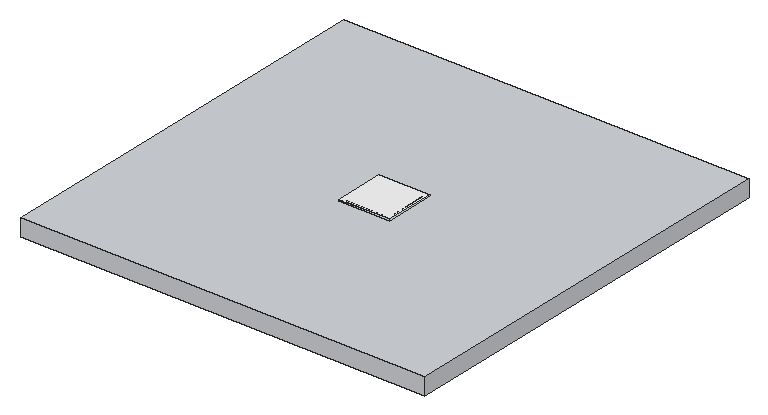
Revit family
Parameters (values of type "2"")
  WFU = 0
  URL = "WWW.MIFAB.COM"
  Pipe Radius = Pipe Diameter / 2  # 1.000"
  Pipe Diameter = 2.000"
  Model = "FS1732"
  Manufacturer = "MIFAB"  # constant formula
  Grate Width = 12.000"
  Grate Length = 12.000"
  Floor Sink Material = Coated – Acid Resistant – Porcelain Enamel - White
  Description = "12 x 12 x 8 DEEP FLOOR SINK"  # constant formula
  Default Elevation = 0.000"
  Body Height = 9.300"
Types (4): name | Pipe Radius | Pipe Diameter | Model
  (no name) | 1.000" | 2.000" | "FS1732"
  2" | 1.000" | 2.000" | "FS1732"
  4" | 2.000" | 4.000" | "FS1734"
  3" | 1.500" | 3.000" | "FS1733"
Reference planes
  plane 1 "Center (Front/Back)": y = 0
  plane 2: z = 0
  plane 3 "Center (Left/Right)": x = 0
  plane 4: z = -228.6
  plane 5: x = -113.898
  plane 6: x = -152.4
  plane 7: x = 152.4
  plane 8: z = 7.62
  plane 9: y = 152.4
  plane 10: y = -152.4
  plane 11: x = -79.369
  plane 12: x = 79.369
  plane 13: x = -135.89
  plane 14: x = 135.89
  plane 15: y = 135.89
  plane 16: y = -135.89
  plane 17: x = -25.4
  plane 18: x = 25.4
  plane 19: z = -43.18
  plane 20: z = -195.58
  plane 21: z = -203.2
  plane 22: z = -81.28
Forms (mm)
  Extrusion 1, solid
    sketch origin (0, 0, 0) x (1, 0, 0) y (0, 1, 0)
      loop
        line (-1219.2, 1219.2) -> (-1219.2, -1219.2) -> (1219.2, -1219.2) -> (1219.2, 1219.2) -> (-1219.2, 1219.2)
    from 0 to -101.6
  Extrusion 2, solid, material "Coated – Acid Resistant – Porcelain Enamel - White" <- "Floor Sink Material"
    sketch origin (0, 0, 0) x (1, 0, 0) y (0, 1, 0)
      loop
        line (-146.05, 146.05) -> (-146.05, -146.05) -> (146.05, -146.05) -> (146.05, 146.05) -> (-146.05, 146.05)
    from 0 to 7.62
  Sweep 3, solid, material "Coated – Acid Resistant – Porcelain Enamel - White" <- "Floor Sink Material"
    path origin (0, 0, 0) x (1, 0, 0) y (0, 1, 0)
      loop
        line (-152.4, 152.4) -> (-152.4, -152.4) -> (152.4, -152.4) -> (152.4, 152.4) -> (-152.4, 152.4)
    profile origin (-152.4, 0, 0) x (1, 0, 0) y (0, 0, 1)
      loop
        line (0, 7.62) -> (0, 0) -> (17.78, 0)
        arc (17.78, 0) -> (26.76, -3.72) -> (30.48, -12.7) r 12.7
        line (30.48, -12.7) -> (30.48, -190.5)
        arc (30.48, -190.5) -> (33.772, -199.031) -> (41.91, -203.2) r 12.823
        line (41.91, -203.2) -> (92.715, -203.2) -> (92.715, -195.58) -> (43.18, -195.58)
        arc (43.18, -195.58) -> (39.588, -194.092) -> (38.1, -190.5) r 5.08
        line (38.1, -190.5) -> (38.1, -12.7)
        arc (38.1, -12.7) -> (32.148, 1.668) -> (17.78, 7.62) r 20.32
        line (17.78, 7.62) -> (0, 7.62)
  Revolve 4, solid, material "Coated – Acid Resistant – Porcelain Enamel - White" <- "Floor Sink Material"
    sketch origin (0, 0, 0) x (1, 0, 0) y (0, 0, 1)
      loop
        line (-30.48, -206.248) -> (-30.48, -228.6) -> (-25.4, -228.6) -> (-25.4, -200.66)
        arc (-25.4, -200.66) -> (-26.888, -197.068) -> (-30.48, -195.58) r 5.08
        line (-30.48, -195.58) -> (-59.685, -195.58)
        arc (-59.685, -195.58) -> (-41.317, -155.021) -> (0, -138.43) r 59.741
        line (0, -138.43) -> (0, -132.08)
        arc (0, -132.08) -> (-45.808, -150.53) -> (-66.04, -195.58) r 66.091
        line (-66.04, -195.58) -> (-99.212, -195.58) -> (-99.212, -203.2) -> (-33.528, -203.2)
        arc (-33.528, -203.2) -> (-31.373, -204.093) -> (-30.48, -206.248) r 3.048
      axis (0, -132.08) -> (0, -228.6)
    angle from 0 to 360
  Extrusion 5, void
    sketch origin (25.4, 0, 0) x (1, 0, 0) y (0, 1, 0)
      loop
        arc (-78.216, 1.966) -> (-80.182, 0) -> (-78.216, -1.966) r 1.966
        line (-78.216, -1.966) -> (-42.1, -1.966)
        arc (-42.1, -1.966) -> (-40.134, 0) -> (-42.1, 1.966) r 1.966
        line (-42.1, 1.966) -> (-78.216, 1.966)
    from -180.553 to -115.57
  Extrusion 6, void
    sketch origin (20.549, -14.93, 0) x (0.809017, -0.587785, 0) y (0.587785, 0.809017, 0)
      loop
        arc (-78.216, 1.966) -> (-80.182, 0) -> (-78.216, -1.966) r 1.966
        line (-78.216, -1.966) -> (-42.1, -1.966)
        arc (-42.1, -1.966) -> (-40.134, 0) -> (-42.1, 1.966) r 1.966
        line (-42.1, 1.966) -> (-78.216, 1.966)
    from -180.553 to -115.57
  Extrusion 7, void
    sketch origin (20.549, 14.93, 0) x (0.809017, 0.587785, 0) y (-0.587785, 0.809017, 0)
      loop
        arc (-78.216, 1.966) -> (-80.182, 0) -> (-78.216, -1.966) r 1.966
        line (-78.216, -1.966) -> (-42.1, -1.966)
        arc (-42.1, -1.966) -> (-40.134, 0) -> (-42.1, 1.966) r 1.966
        line (-42.1, 1.966) -> (-78.216, 1.966)
    from -180.553 to -115.57
  Extrusion 8, void
    sketch origin (7.849, 24.157, 0) x (0.309017, 0.951057, 0) y (-0.951057, 0.309017, 0)
      loop
        arc (-78.216, 1.966) -> (-80.182, 0) -> (-78.216, -1.966) r 1.966
        line (-78.216, -1.966) -> (-42.1, -1.966)
        arc (-42.1, -1.966) -> (-40.134, 0) -> (-42.1, 1.966) r 1.966
        line (-42.1, 1.966) -> (-78.216, 1.966)
    from -180.553 to -115.57
  Extrusion 9, void
    sketch origin (-7.849, 24.157, 0) x (-0.309017, 0.951057, 0) y (-0.951057, -0.309017, 0)
      loop
        arc (-78.216, 1.966) -> (-80.182, 0) -> (-78.216, -1.966) r 1.966
        line (-78.216, -1.966) -> (-42.1, -1.966)
        arc (-42.1, -1.966) -> (-40.134, 0) -> (-42.1, 1.966) r 1.966
        line (-42.1, 1.966) -> (-78.216, 1.966)
    from -180.553 to -115.57
  Extrusion 10, void
    sketch origin (-20.549, 14.93, 0) x (-0.809017, 0.587785, 0) y (-0.587785, -0.809017, 0)
      loop
        arc (-78.216, 1.966) -> (-80.182, 0) -> (-78.216, -1.966) r 1.966
        line (-78.216, -1.966) -> (-42.1, -1.966)
        arc (-42.1, -1.966) -> (-40.134, 0) -> (-42.1, 1.966) r 1.966
        line (-42.1, 1.966) -> (-78.216, 1.966)
    from -180.553 to -115.57
  Extrusion 11, void
    sketch origin (-25.4, 0, 0) x (-1, 0, 0) y (0, -1, 0)
      loop
        arc (-78.216, 1.966) -> (-80.182, 0) -> (-78.216, -1.966) r 1.966
        line (-78.216, -1.966) -> (-42.1, -1.966)
        arc (-42.1, -1.966) -> (-40.134, 0) -> (-42.1, 1.966) r 1.966
        line (-42.1, 1.966) -> (-78.216, 1.966)
    from -180.553 to -115.57
  Extrusion 12, void
    sketch origin (-20.549, -14.93, 0) x (-0.809017, -0.587785, 0) y (0.587785, -0.809017, 0)
      loop
        arc (-78.216, 1.966) -> (-80.182, 0) -> (-78.216, -1.966) r 1.966
        line (-78.216, -1.966) -> (-42.1, -1.966)
        arc (-42.1, -1.966) -> (-40.134, 0) -> (-42.1, 1.966) r 1.966
        line (-42.1, 1.966) -> (-78.216, 1.966)
    from -180.553 to -115.57
  Extrusion 13, void
    sketch origin (-7.849, -24.157, 0) x (-0.309017, -0.951057, 0) y (0.951057, -0.309017, 0)
      loop
        arc (-78.216, 1.966) -> (-80.182, 0) -> (-78.216, -1.966) r 1.966
        line (-78.216, -1.966) -> (-42.1, -1.966)
        arc (-42.1, -1.966) -> (-40.134, 0) -> (-42.1, 1.966) r 1.966
        line (-42.1, 1.966) -> (-78.216, 1.966)
    from -180.553 to -115.57
  Extrusion 14, void
    sketch origin (7.849, -24.157, 0) x (0.309017, -0.951057, 0) y (0.951057, 0.309017, 0)
      loop
        arc (-78.216, 1.966) -> (-80.182, 0) -> (-78.216, -1.966) r 1.966
        line (-78.216, -1.966) -> (-42.1, -1.966)
        arc (-42.1, -1.966) -> (-40.134, 0) -> (-42.1, 1.966) r 1.966
        line (-42.1, 1.966) -> (-78.216, 1.966)
    from -180.553 to -115.57
  Extrusion 15, void
    sketch origin (0, 0, 0) x (1, 0, 0) y (0, 1, 0)
      loop
        circle (0, 0) r 7.616
    from -180.553 to -115.57
Cuts and joins
  Extrusion 6, Extrusion 7, Extrusion 8, Extrusion 9, Extrusion 10, Extrusion 11, Extrusion 12, Extrusion 13, Extrusion 14 cuts Sweep 3
  Extrusion 5, Extrusion 6, Extrusion 7, Extrusion 8, Extrusion 9, Extrusion 10, Extrusion 11, Extrusion 12, Extrusion 13, Extrusion 14, Extrusion 15 cuts Revolve 4
  joined: Extrusion 2, Sweep 3, Revolve 4
Lines and regions (mm)
  symbolic lines
    curve 1: line (-152.4, 152.4, 0) -> (152.4, 152.4, 0)
    curve 2: line (-152.4, -152.4, 0) -> (-152.4, 152.4, 0)
    curve 3: line (152.4, -152.4, 0) -> (-152.4, -152.4, 0)
    curve 4: line (152.4, 152.4, 0) -> (152.4, -152.4, 0)
    curve 5: circle (0, 0, 0) r 66.04 normal (0, 0, 1)
Dimensions and locks
  equal spacing: plane 9, plane 1 "Center (Front/Back)", plane 10
  equal spacing: plane 6, plane 3 "Center (Left/Right)", plane 7
  "Grate Length": plane 9 to plane 10
  "Grate Width": plane 6 to plane 7
  "Body Height": plane 8 to plane 4
  locked: plane 9 to plane 15 at 16.51
  locked: plane 10 to plane 16 at 16.51
  locked: plane 6 to plane 13 at 16.51
  locked: plane 14 to plane 7 at 16.51
  equal spacing: plane 18, plane 3 "Center (Left/Right)", plane 17
  "Pipe Diameter": plane 18 to plane 17
  locked: Revolve 4 sketch curve to plane 11 at 19.684
  locked: Revolve 4 sketch curve to plane 11 at 13.329
  locked: plane 17 to Revolve 4 sketch curve at 5.08
  locked: plane 8 to plane 19 at 50.8
  locked: plane 8 to plane 2 at 7.62
  locked: Revolve 4 sketch curve to plane 20 at 63.5
  locked: Revolve 4 sketch curve to plane 20 at 57.15
  locked: plane 20 to plane 21 at 7.62
  plane 8 to plane 20 = 8.000"
  plane 8 to plane 22 = 3.500"
  aligned and locked: plane 2 to Extrusion 1
  aligned and locked: level to Extrusion 1
  aligned and locked: plane 8 to Extrusion 2
  aligned and locked: Sweep 3 sketch curve to plane 6  (x2)
  aligned and locked: Sweep 3 sketch curve to plane 9
  aligned and locked: plane 7 to Sweep 3 sketch curve
  aligned and locked: plane 10 to Sweep 3 sketch curve
  aligned and locked: Revolve 4 sketch curve to plane 4
  aligned and locked: Revolve 4 sketch curve to plane 3 "Center (Left/Right)"  (x2)
  aligned and locked: Revolve 4 sketch curve to plane 17
  aligned and locked: plane 1 "Center (Front/Back)" to Extrusion 15 sketch curve
  aligned and locked: plane 3 "Center (Left/Right)" to Extrusion 15 sketch curve
  aligned and locked: plane 20 to Revolve 4 sketch curve  (x2)
  aligned and locked: Sweep 3 sketch curve to plane 8
  aligned and locked: Sweep 3 sketch curve to plane 20
  aligned and locked: Sweep 3 sketch curve to plane 21
  aligned and locked: plane 21 to Revolve 4 sketch curve
Automatic sketch dimensions
  Extrusion 1 sketch curve to Extrusion 1 sketch curve = 96.000"  (x2)
  plane 6 to Extrusion 2 sketch curve = 0.250"
  plane 7 to Extrusion 2 sketch curve = 0.250"
  Extrusion 2 sketch curve to plane 10 = 0.250"
  Extrusion 2 sketch curve to plane 9 = 0.250"
  Revolve 4 sketch curve to Revolve 4 sketch curve = 0.120"
  Revolve 4 sketch curve to plane 4 = 17.050"
  plane 8 to Revolve 4 sketch curve = 102.46882"
  Extrusion 5 sketch curve to Extrusion 5 sketch curve = 1.42187"
  Extrusion 5 sketch curve to Extrusion 5 sketch curve = 0.0774"
  Extrusion 6 sketch curve to Extrusion 6 sketch curve = 1.42187"
  Extrusion 6 sketch curve to Extrusion 6 sketch curve = 0.0774"
  Extrusion 7 sketch curve to Extrusion 7 sketch curve = 1.42187"
  Extrusion 7 sketch curve to Extrusion 7 sketch curve = 0.0774"
  Extrusion 8 sketch curve to Extrusion 8 sketch curve = 1.42187"
  Extrusion 8 sketch curve to Extrusion 8 sketch curve = 0.0774"
  Extrusion 9 sketch curve to Extrusion 9 sketch curve = 1.42187"
  Extrusion 9 sketch curve to Extrusion 9 sketch curve = 0.0774"
  Extrusion 10 sketch curve to Extrusion 10 sketch curve = 1.42187"
  Extrusion 10 sketch curve to Extrusion 10 sketch curve = 0.0774"
  Extrusion 11 sketch curve to Extrusion 11 sketch curve = 1.42187"
  Extrusion 11 sketch curve to Extrusion 11 sketch curve = 0.0774"
  Extrusion 12 sketch curve to Extrusion 12 sketch curve = 1.42187"
  Extrusion 12 sketch curve to Extrusion 12 sketch curve = 0.0774"
  Extrusion 13 sketch curve to Extrusion 13 sketch curve = 1.42187"
  Extrusion 13 sketch curve to Extrusion 13 sketch curve = 0.0774"
  Extrusion 14 sketch curve to Extrusion 14 sketch curve = 1.42187"
  Extrusion 14 sketch curve to Extrusion 14 sketch curve = 0.0774"
  Sweep 3 sketch curve to Sweep 3 sketch curve = 0.000"  (x3)
  Sweep 3 sketch curve to Sweep 3 sketch curve = 0.700"
  Sweep 3 sketch curve to profile plane = 1.200"
  Sweep 3 sketch curve to Sweep 3 sketch curve = 0.300"
  Sweep 3 sketch curve to Sweep 3 sketch curve = 0.150"
  Sweep 3 sketch curve to Sweep 3 sketch curve = 0.200"
  Sweep 3 sketch curve to Sweep 3 sketch curve = 0.00486"
  Sweep 3 sketch curve to Sweep 3 sketch curve = 1.95021"
  plane 21 to Revolve 4 sketch curve = 0.120"
  Revolve 4 sketch curve to plane 11 = 0.78125"
  curve 3 to plane 6 = 0.000"
  plane 1 "Center (Front/Back)" to curve 5 = 0.000"
  curve 5 to plane 3 "Center (Left/Right)" = 0.000"
  curve 4 to plane 7 = 0.000"
  plane 10 to curve 4 = 0.000"
  curve 4 to plane 9 = 0.000"
  radius of Extrusion 15 sketch curve = 0.29982"
  radius of curve 5 = 2.600"
Connectors
  piping at (0, 0, -228.6), driven by "Pipe Radius", driven by "WFU"
    settings: on Revolve 4, index 1, connector radius 1", flow factor 0, pipe flow 0 GPM, pressure drop 0.00 psi, fitting loss kfactor 0, connector angle 0.00°, fixture units 0, flow configuration 3, flow direction 2, fitting loss method 0, system type 16, connector reference index -1, connector utility 0, adjustable connector no, is connector primary yes, fitting loss table "", connector description "Sanitary Out"
